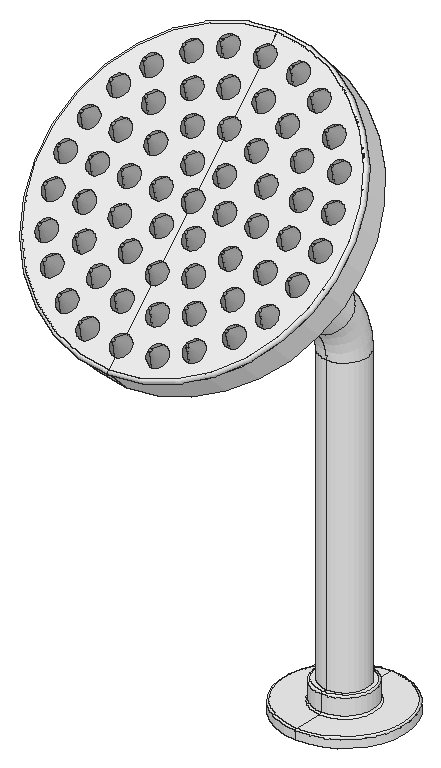
Revit family "Showerhead-Waterworks-Universal-6in_Rain", category Plumbing Fixtures, host Face, Revit 2014 (continued)
Dimensions and locks (in)
  aligned and locked: Blend 61 to plane 11
  aligned and locked: Blend 62 to plane 11
  aligned and locked: Blend 48 to plane 11
  aligned and locked: Blend 51 to plane 11
  aligned and locked: Blend 44 to plane 11
  aligned and locked: Blend 39 to plane 11
  aligned and locked: Blend 56 to plane 11
  aligned and locked: Blend 63 to plane 11
  aligned and locked: Blend 60 to plane 11
  aligned and locked: Blend 45 to plane 11
  aligned and locked: Blend 57 to plane 11
  aligned and locked: Blend 52 to plane 11
  aligned and locked: Blend 64 to plane 11
  aligned and locked: Blend 41 to plane 11
  aligned and locked: Blend 53 to plane 11
  aligned and locked: Blend 46 to plane 11
  aligned and locked: Blend 58 to plane 11
  aligned and locked: Blend 42 to plane 11
  aligned and locked: Blend 40 to plane 11
  aligned and locked: Blend 54 to plane 11
  aligned and locked: plane 12 to Blend 8
  aligned and locked: plane 12 to Blend 6
  aligned and locked: plane 12 to Blend 24
  aligned and locked: plane 12 to Blend 12
  aligned and locked: plane 12 to Blend 28
  aligned and locked: plane 12 to Blend 7
  aligned and locked: plane 12 to Blend 23
  aligned and locked: plane 12 to Blend 22
  aligned and locked: plane 12 to Blend 38
  aligned and locked: plane 12 to Blend 11
  aligned and locked: plane 12 to Blend 27
  aligned and locked: plane 12 to Blend 18
  aligned and locked: plane 12 to Blend 5
  aligned and locked: plane 12 to Blend 34
  aligned and locked: plane 12 to Blend 21
  aligned and locked: plane 12 to Blend 37
  aligned and locked: plane 12 to Blend 10
  aligned and locked: plane 12 to Blend 26
  aligned and locked: plane 12 to Blend 20
  aligned and locked: plane 12 to Blend 19
  aligned and locked: plane 12 to Blend 17
  aligned and locked: plane 12 to Blend 33
  aligned and locked: plane 12 to Blend 35
  aligned and locked: plane 12 to Blend 36
  aligned and locked: plane 12 to Blend 9
  aligned and locked: plane 12 to Blend 25
  aligned and locked: plane 12 to Blend 16
  aligned and locked: plane 12 to Blend 15
  aligned and locked: plane 12 to Blend 14
  aligned and locked: plane 12 to Blend 13
  aligned and locked: plane 12 to Blend 29
  aligned and locked: plane 12 to Blend 30
  aligned and locked: plane 12 to Blend 31
  aligned and locked: plane 12 to Blend 32
  aligned and locked: plane 12 to Blend 43
  aligned and locked: plane 12 to Blend 55
  aligned and locked: plane 12 to Blend 50
  aligned and locked: plane 12 to Blend 49
  aligned and locked: plane 12 to Blend 47
  aligned and locked: plane 12 to Blend 59
  aligned and locked: plane 12 to Blend 61
  aligned and locked: plane 12 to Blend 62
  aligned and locked: plane 12 to Blend 44
  aligned and locked: plane 12 to Blend 56
  aligned and locked: plane 12 to Blend 51
  aligned and locked: plane 12 to Blend 63
  aligned and locked: plane 12 to Blend 48
  aligned and locked: plane 12 to Blend 39
  aligned and locked: plane 12 to Blend 60
  aligned and locked: plane 12 to Blend 45
  aligned and locked: plane 12 to Blend 57
  aligned and locked: plane 12 to Blend 52
  aligned and locked: plane 12 to Blend 64
  aligned and locked: plane 12 to Blend 41
  aligned and locked: plane 12 to Blend 53
  aligned and locked: plane 12 to Blend 46
  aligned and locked: plane 12 to Blend 58
  aligned and locked: plane 12 to Blend 42
  aligned and locked: plane 12 to Blend 54
  aligned and locked: plane 12 to Blend 40
  aligned and locked: plane 3 "Center (Left/Right)" to Blend 6 sketch curve  (x2)
  aligned and locked: plane 3 "Center (Left/Right)" to Blend 5 sketch curve  (x2)
  aligned and locked: plane 3 "Center (Left/Right)" to Blend 4 sketch curve  (x2)
  aligned and locked: plane 3 "Center (Left/Right)" to Blend 39 sketch curve  (x2)
  aligned and locked: plane 3 "Center (Left/Right)" to Blend 40 sketch curve  (x2)
  aligned and locked: plane 5 "Right" to Masking region 1 sketch curve
  aligned and locked: Masking region 1 sketch curve to plane 2 "Back"
  aligned and locked: plane 3 "Center (Left/Right)" to Masking region 1 sketch curve  (x2)
  aligned and locked: plane 4 "Left" to Masking region 1 sketch curve
  aligned and locked: plane 3 "Center (Left/Right)" to Masking region 2 sketch curve  (x3)
  aligned and locked: Masking region 2 sketch curve to plane 2 "Back"
  aligned and locked: curve 2 to Masking region 2
  aligned and locked: curve 3 to Masking region 2
  aligned and locked: curve 28 to Masking region 2
  aligned and locked: curve 27 to Masking region 2
Automatic sketch dimensions
  host sketch curve to host sketch curve = 6' - 0"  (x2)
  Revolve 1 sketch curve to Revolve 1 sketch curve = 1' - 0"
  plane 7 "Spout Reach" to Revolve 1 sketch curve = 0' - 10 15/16"
  Revolve 3 sketch curve to plane 6 "Bottom" = 0' - 0"
  Revolve 3 sketch curve to plane 7 "Spout Reach" = 0' - 0"
  plane 7 "Spout Reach" to Revolve 3 sketch curve = 0' - 0.09183"
  Revolve 3 sketch curve to Revolve 3 sketch curve = 0' - 0.04176"
  Revolve 3 sketch curve to plane 7 "Spout Reach" = 0' - 0.0121"
  plane 7 "Spout Reach" to Revolve 3 sketch curve = 0' - 0.00514"
  Revolve 3 sketch curve to Revolve 3 sketch curve = 0' - 0.02645"
  Revolve 3 sketch curve to Revolve 3 sketch curve = 0' - 0"
  Blend 5 sketch curve to plane 3 "Center (Left/Right)" = 0' - 0"
  plane 4 "Left" to Blend 8 sketch curve = 0' - 0 1/2"
  plane 4 "Left" to Blend 10 sketch curve = 0' - 0 9/16"
  plane 4 "Left" to Blend 11 sketch curve = 0' - 0 1/4"
  plane 4 "Left" to Blend 13 sketch curve = 0' - 0 9/16"
  Blend 14 sketch curve to plane 4 "Left" = 0' - 0 1/16"  (x2)
  Blend 15 sketch curve to plane 4 "Left" = 0' - 0 11/16"  (x2)
  Blend 18 sketch curve to plane 4 "Left" = 0' - 0.97756"
  Blend 20 sketch curve to plane 4 "Left" = 0' - 1.20753"
  Blend 21 sketch curve to plane 4 "Left" = 0' - 0.26947"  (x2)
  Blend 29 sketch curve to plane 5 "Right" = 0' - 0 9/16"
  plane 5 "Right" to Blend 30 sketch curve = 0' - 0 1/16"
  plane 5 "Right" to Blend 36 sketch curve = 0' - 1.20753"
  Blend 40 sketch curve to plane 3 "Center (Left/Right)" = 0' - 0"  (x2)
  Blend 52 sketch curve to plane 4 "Left" = 0' - 0.60067"
  Blend 57 sketch curve to plane 5 "Right" = 0' - 0 1/4"
  plane 5 "Right" to Blend 58 sketch curve = 0' - 0 1/16"
  plane 5 "Right" to Blend 63 sketch curve = 0' - 0.26947"  (x2)
  Masking region 1 sketch curve to plane 7 "Spout Reach" = 0' - 0.95825"
  Masking region 1 sketch curve to Masking region 1 sketch curve = 0' - 0"
  Masking region 2 sketch curve to plane 7 "Spout Reach" = 0' - 0.95825"
  Masking region 2 sketch curve to Masking region 2 sketch curve = 0' - 0"  (x2)
  Masking region 2 sketch curve to Masking region 2 sketch curve = 0' - 0.17674"
  Masking region 2 sketch curve to Masking region 2 sketch curve = 0' - 0.02165"
  curve 17 to plane 7 "Spout Reach" = 0' - 0"
  curve 8 to plane 7 "Spout Reach" = 0' - 0"  (x2)
  curve 18 to plane 7 "Spout Reach" = 0' - 0"
  curve 10 to plane 3 "Center (Left/Right)" = 0' - 0"
  curve 4 to plane 3 "Center (Left/Right)" = 0' - 0"
  curve 6 to plane 3 "Center (Left/Right)" = 0' - 0"
  curve 12 to plane 3 "Center (Left/Right)" = 0' - 0"
  curve 7 to plane 3 "Center (Left/Right)" = 0' - 0"
  curve 8 to plane 3 "Center (Left/Right)" = 0' - 0"
  curve 11 to plane 3 "Center (Left/Right)" = 0' - 0"
  curve 9 to plane 3 "Center (Left/Right)" = 0' - 0"
  curve 14 to plane 3 "Center (Left/Right)" = 0' - 0"
  plane 7 "Spout Reach" to curve 3 = 0' - 1.50475"
  curve 15 to plane 5 "Right" = 0' - 0.2623"
  curve 5 to curve 17 = 0' - 0.28543"
  curve 6 to curve 19 = 0' - 0.05187"
  plane 3 "Center (Left/Right)" to curve 21 = 0' - 0.46654"
  curve 13 to curve 26 = 0' - 0.02904"
  curve 1 to curve 2 = 0' - 0.21857"
  curve 1 to curve 3 = 0' - 0.21857"
  curve 15 to curve 5 = 0' - 0"
  plane 7 "Spout Reach" to curve 16 = 0' - 0.24086"
  curve 11 to plane 7 "Spout Reach" = 0' - 0.03698"
  curve 12 to curve 12 = 0' - 0.0412"
  curve 20 to curve 10 = 0' - 0.13411"
  curve 19 to curve 9 = 0' - 0"
  curve 20 to curve 7 = 0' - 0.00755"
  curve 7 to curve 5 = 0' - 0.07188"
  curve 21 to curve 9 = 0' - 0.1197"
  curve 14 to curve 25 = 0' - 0.20754"
  curve 14 to curve 26 = 0' - 0.20754"
  curve 7 to curve 19 = 0' - 0.05187"
  curve 7 to curve 17 = 0' - 0.00068"
  plane 3 "Center (Left/Right)" to curve 28 = 0' - 0 19/32"
  curve 8 to curve 19 = 0' - 0.00074"
  curve 28 to curve 27 = 0' - 0 5/32"
  curve 10 to curve 12 = 0' - 0.07133"
  curve 11 to curve 12 = 0' - 0.04284"
  curve 12 to curve 12 = 0' - 0.00427"
  curve 27 to plane 3 "Center (Left/Right)" = 0' - 0 7/16"
  curve 27 to curve 28 = 0' - 0 5/32"
  radius of Blend 4 sketch curve = 0' - 0.19727"
  radius of Blend 4 sketch curve = 0' - 0.0332"
  radius of Blend 5 sketch curve = 0' - 0.19727"
  radius of Blend 5 sketch curve = 0' - 0.0332"
  radius of Blend 6 sketch curve = 0' - 0.19727"
  radius of Blend 6 sketch curve = 0' - 0.0332"
  radius of Blend 7 sketch curve = 0' - 0.19727"
  radius of Blend 7 sketch curve = 0' - 0.0332"
  radius of Blend 8 sketch curve = 0' - 0.19727"
  radius of Blend 8 sketch curve = 0' - 0.0332"
  radius of Blend 9 sketch curve = 0' - 0.19727"
  radius of Blend 9 sketch curve = 0' - 0.0332"
  radius of Blend 10 sketch curve = 0' - 0.19727"
  radius of Blend 10 sketch curve = 0' - 0.0332"
  radius of Blend 11 sketch curve = 0' - 0.19727"
  radius of Blend 11 sketch curve = 0' - 0.0332"
  radius of Blend 12 sketch curve = 0' - 0.19727"
  radius of Blend 12 sketch curve = 0' - 0.0332"
  radius of Blend 13 sketch curve = 0' - 0.19727"
  radius of Blend 13 sketch curve = 0' - 0.0332"
  radius of Blend 14 sketch curve = 0' - 0.19727"
  radius of Blend 14 sketch curve = 0' - 0.0332"
  radius of Blend 15 sketch curve = 0' - 0.19727"
  radius of Blend 15 sketch curve = 0' - 0.0332"
  radius of Blend 16 sketch curve = 0' - 0.19727"
  radius of Blend 16 sketch curve = 0' - 0.0332"
  radius of Blend 17 sketch curve = 0' - 0.19727"
  radius of Blend 17 sketch curve = 0' - 0.0332"
  radius of Blend 18 sketch curve = 0' - 0.19727"
  radius of Blend 18 sketch curve = 0' - 0.0332"
  radius of Blend 19 sketch curve = 0' - 0.19727"
  radius of Blend 19 sketch curve = 0' - 0.0332"
  radius of Blend 20 sketch curve = 0' - 0.19727"
  radius of Blend 20 sketch curve = 0' - 0.0332"
  radius of Blend 21 sketch curve = 0' - 0.19727"
  radius of Blend 21 sketch curve = 0' - 0.0332"
  radius of Blend 22 sketch curve = 0' - 0.19727"
  radius of Blend 22 sketch curve = 0' - 0.0332"
  radius of Blend 23 sketch curve = 0' - 0.19727"
  radius of Blend 23 sketch curve = 0' - 0.0332"
  radius of Blend 24 sketch curve = 0' - 0.19727"
  radius of Blend 24 sketch curve = 0' - 0.0332"
  radius of Blend 25 sketch curve = 0' - 0.19727"
  radius of Blend 25 sketch curve = 0' - 0.0332"
  radius of Blend 26 sketch curve = 0' - 0.19727"
  radius of Blend 26 sketch curve = 0' - 0.0332"
  radius of Blend 27 sketch curve = 0' - 0.19727"
  radius of Blend 27 sketch curve = 0' - 0.0332"
  radius of Blend 28 sketch curve = 0' - 0.19727"
  radius of Blend 28 sketch curve = 0' - 0.0332"
  radius of Blend 29 sketch curve = 0' - 0.19727"
  radius of Blend 29 sketch curve = 0' - 0.0332"
  radius of Blend 30 sketch curve = 0' - 0.19727"
  radius of Blend 30 sketch curve = 0' - 0.0332"
  radius of Blend 31 sketch curve = 0' - 0.19727"
  radius of Blend 31 sketch curve = 0' - 0.0332"
  radius of Blend 32 sketch curve = 0' - 0.19727"
  radius of Blend 32 sketch curve = 0' - 0.0332"
  radius of Blend 33 sketch curve = 0' - 0.19727"
  radius of Blend 33 sketch curve = 0' - 0.0332"
  radius of Blend 34 sketch curve = 0' - 0.19727"
  radius of Blend 34 sketch curve = 0' - 0.0332"
  radius of Blend 35 sketch curve = 0' - 0.19727"
  radius of Blend 35 sketch curve = 0' - 0.0332"
  radius of Blend 36 sketch curve = 0' - 0.19727"
  radius of Blend 36 sketch curve = 0' - 0.0332"
  radius of Blend 37 sketch curve = 0' - 0.19727"
  radius of Blend 37 sketch curve = 0' - 0.0332"
  radius of Blend 38 sketch curve = 0' - 0.19727"
  radius of Blend 38 sketch curve = 0' - 0.0332"
  radius of Blend 39 sketch curve = 0' - 0.19727"
  radius of Blend 39 sketch curve = 0' - 0.0332"
  radius of Blend 40 sketch curve = 0' - 0.19727"
  radius of Blend 40 sketch curve = 0' - 0.0332"
  radius of Blend 41 sketch curve = 0' - 0.19727"
  radius of Blend 41 sketch curve = 0' - 0.0332"
  radius of Blend 42 sketch curve = 0' - 0.19727"
  radius of Blend 42 sketch curve = 0' - 0.0332"
  radius of Blend 43 sketch curve = 0' - 0.19727"
  radius of Blend 43 sketch curve = 0' - 0.0332"
  radius of Blend 44 sketch curve = 0' - 0.19727"
  radius of Blend 44 sketch curve = 0' - 0.0332"
  radius of Blend 45 sketch curve = 0' - 0.19727"
  radius of Blend 45 sketch curve = 0' - 0.0332"
  radius of Blend 46 sketch curve = 0' - 0.19727"
  radius of Blend 46 sketch curve = 0' - 0.0332"
  radius of Blend 47 sketch curve = 0' - 0.19727"
  radius of Blend 47 sketch curve = 0' - 0.0332"
  radius of Blend 48 sketch curve = 0' - 0.19727"
  radius of Blend 48 sketch curve = 0' - 0.0332"
  radius of Blend 49 sketch curve = 0' - 0.19727"
  radius of Blend 49 sketch curve = 0' - 0.0332"
  radius of Blend 50 sketch curve = 0' - 0.19727"
  radius of Blend 50 sketch curve = 0' - 0.0332"
  radius of Blend 51 sketch curve = 0' - 0.19727"
  radius of Blend 51 sketch curve = 0' - 0.0332"
  radius of Blend 52 sketch curve = 0' - 0.19727"
  radius of Blend 52 sketch curve = 0' - 0.0332"
  radius of Blend 53 sketch curve = 0' - 0.19727"
  radius of Blend 53 sketch curve = 0' - 0.0332"
  radius of Blend 54 sketch curve = 0' - 0.19727"
  radius of Blend 54 sketch curve = 0' - 0.0332"
  radius of Blend 55 sketch curve = 0' - 0.19727"
  radius of Blend 55 sketch curve = 0' - 0.0332"
  radius of Blend 56 sketch curve = 0' - 0.19727"
  radius of Blend 56 sketch curve = 0' - 0.0332"
  radius of Blend 57 sketch curve = 0' - 0.19727"
  radius of Blend 57 sketch curve = 0' - 0.0332"
  radius of Blend 58 sketch curve = 0' - 0.19727"
  radius of Blend 58 sketch curve = 0' - 0.0332"
  radius of Blend 59 sketch curve = 0' - 0.19727"
  radius of Blend 59 sketch curve = 0' - 0.0332"
  radius of Blend 60 sketch curve = 0' - 0.19727"
  radius of Blend 60 sketch curve = 0' - 0.0332"
  radius of Blend 61 sketch curve = 0' - 0.19727"
  radius of Blend 61 sketch curve = 0' - 0.0332"
  radius of Blend 62 sketch curve = 0' - 0.19727"
  radius of Blend 62 sketch curve = 0' - 0.0332"
  radius of Blend 63 sketch curve = 0' - 0.19727"
  radius of Blend 63 sketch curve = 0' - 0.0332"
  radius of Blend 64 sketch curve = 0' - 0.19727"
  radius of Blend 64 sketch curve = 0' - 0.0332"
Connectors (in)
  piping at (0, 0, 0), diameter 0.5, driven by "Inlet Connection Diameter", driven by "Water Connector", driven by "Domestic Water Flow Rate"
    settings: on Revolve 1, index 1, connector inside diameter 24", connector length 0' - 0", flow factor 0, pipe flow 2 GPM, pressure drop 0.00 psi, fitting loss kfactor 0, connector angle 0.00°, fixture units 0, engagement length 0' - 0", angle of deflection 0.00°, flow configuration 0, flow direction 1, fitting loss method 0, system type 19, joint type 0, gender type 0, connector reference index -1, connector utility 0, adjustable connector no, is connector primary yes, connector description "Inlet - Female NPT"
Types in the file's own list only (17): name | Model SKU | Product Name | Finish | Description | Constraint
  Antique Brass | "05-91802-17451" | "Universal 6” Rain Shower Head in Antique Brass" | Metal - Waterworks - Antique Brass | "Universal 6” Rain Shower Head in Antique Brass" | 1
  Antique Copper | "05-32975-76709" | "Universal 6” Rain Shower Head in Antique Copper" | Metal - Waterworks - Antique Copper | "Universal 6” Rain Shower Head in Antique Copper" | 2
  Architectural Bronze | "05-07424-16906" | "Universal 6” Rain Shower Head in Architectural Bronze" | Metal - Waterworks - Architectural Bronze | "Universal 6” Rain Shower Head in Architectural Bronze" | 3
  Burnished Brass | "05-19799-97665" | "Universal 6” Rain Shower Head in Burnished Brass" | Metal - Waterworks - Burnished Brass | "Universal 6” Rain Shower Head in Burnished Brass" | 4
  Burnished Nickel | "05-70720-85876" | "Universal 6” Rain Shower Head in Burnished Nickel" | Metal - Waterworks - Burnished Nickel | "Universal 6” Rain Shower Head in Burnished Nickel" | 5
  Carbon | "05-73246-79172" | "Universal 6” Rain Shower Head in Carbon" | Metal - Waterworks - Carbon | "Universal 6” Rain Shower Head in Carbon" | 6
  Chrome | "05-75429-38751" | "Universal 6” Rain Shower Head in Chrome" | Metal - Waterworks - Chrome | "Universal 6” Rain Shower Head in Chrome" | 7
  Gold | "05-06755-01645" | "Universal 6” Rain Shower Head in Gold" | Metal - Waterworks - Gold | "Universal 6” Rain Shower Head in Gold" | 8
  Graphite | "05-62353-66802" | "Universal 6” Rain Shower Head in Graphite" | Metal - Waterworks - Graphite | "Universal 6” Rain Shower Head in Graphite" | 9
  Matte Gold | "05-26925-51770" | "Universal 6” Rain Shower Head in Matte Gold" | Metal - Waterworks - Matte Gold | "Universal 6” Rain Shower Head in Matte Gold" | 10
  Matte Nickel | "05-02722-94153" | "Universal 6” Rain Shower Head in Matte Nickel" | Metal - Waterworks - Matte Nickel | "Universal 6” Rain Shower Head in Matte Nickel" | 11
  Nickel | "05-61500-36924" | "Universal 6” Rain Shower Head in Nickel" | Metal - Waterworks - Nickel | "Universal 6” Rain Shower Head in Nickel" | 12
  Pewter | "05-94303-66224" | "Universal 6” Rain Shower Head in Pewter" | Metal - Waterworks - Pewter | "Universal 6” Rain Shower Head in Pewter" | 13
  Shiny Copper | "05-48637-26631" | "Universal 6” Rain Shower Head in Shiny Copper" | Metal - Waterworks - Shiny Copper | "Universal 6” Rain Shower Head in Shiny Copper" | 14
  Sovereign | "05-87581-84899" | "Universal 6” Rain Shower Head in Sovereign" | Metal - Waterworks - Sovereign | "Universal 6” Rain Shower Head in Sovereign" | 15
  Unlacquered Brass | "05-75583-03809" | "Universal 6” Rain Shower Head in Unlacquered Brass" | Metal - Waterworks - Unlacquered Brass | "Universal 6” Rain Shower Head in Unlacquered Brass" | 16
  Vintage Brass | "05-55188-02548" | "Universal 6” Rain Shower Head in Vintage Brass" | Metal - Waterworks - Vintage Brass | "Universal 6” Rain Shower Head in Vintage Brass" | 17
